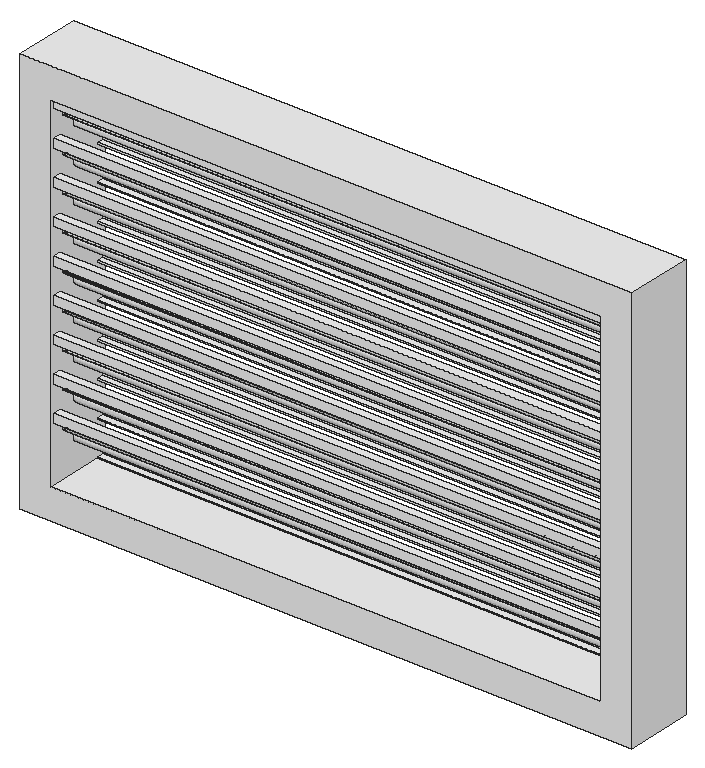
Revit family
Parameters
  폭 1 = Width - 90 mm  # 810 mm
  그릴 두께 = 100 mm
  Grill Panel 갯수 = 9
  그릴 패널 = AG10 그릴 패널
  그릴 프레임 = AG10 그릴 프레임
  프레임 투영 외부. = 25 mm
  프레임 투영 내부. = 25 mm
  프레임 폭 = 75 mm
  Height = 2400 mm
  Wall Closure = (empty or 0)
  Width = 900 mm
  기본 씰 높이 = 1800 mm
Reference planes
  plane 1: y = 0
  plane 2 "중심(왼쪽/오른쪽)": x = 0
  plane 3 "외부": y = 75
  plane 4 "내부": y = -75
  plane 5: y = -25
  plane 6: z = 1800
  plane 7: z = 2400
  plane 8: x = -450
  plane 9: x = 450
  plane 10: x = -404.925
  plane 11: x = 404.925
  plane 12: z = 1845.075
  plane 13: y = 72
Forms (mm)
  Sweep 1, solid, material "AG10 그릴 프레임" <- "그릴 프레임"
    path origin (0, 75, 0) x (1, 0, 0) y (0, 0, 1)
      loop
        line (450, 2400) -> (-450, 2400) -> (-450, 1800) -> (450, 1800) -> (450, 2400)
    profile origin (450, 75, 1800) x (-1, 0, 0) y (0, -1, 0)
      loop
        line (0, 0) -> (45.075, 0) -> (45.075, 100) -> (0, 100) -> (0, 0)
  Extrusion 2, solid, material "AG10 그릴 패널" <- "그릴 패널", not visible
    sketch origin (-384.764, -1088.95, -2124.171) x (0, -1, 0) y (0, 0, 1)
      loop
        line (-15.61, 2354.925) -> (-15.61, 2352.922) -> (-5.092, 2352.922) -> (-5.092, 2343.354) -> (-60.985, 2311.084) -> (-59.983, 2309.349) -> (-52.711, 2313.548)
        arc (-52.711, 2313.548) -> (-43.568, 2311.098) -> (-46.018, 2301.955) r 6.693
        line (-46.018, 2301.955) -> (-71.766, 2287.09)
        arc (-71.766, 2287.09) -> (-71.967, 2288.591) -> (-72.782, 2289.867) r 3.506
        arc (-72.782, 2289.867) -> (-73.392, 2290.063) -> (-73.907, 2289.681) r 0.701
        arc (-73.907, 2289.681) -> (-74.029, 2289.222) -> (-73.83, 2288.79) r 0.701
        arc (-73.83, 2288.79) -> (-75.259, 2285.383) -> (-76.688, 2288.79) r 2.003
        arc (-76.688, 2288.79) -> (-76.489, 2289.222) -> (-76.611, 2289.681) r 0.701
        arc (-76.611, 2289.681) -> (-77.125, 2290.063) -> (-77.735, 2289.867) r 0.701
        arc (-77.735, 2289.867) -> (-78.713, 2286.783) -> (-76.749, 2284.213) r 3.506
        line (-76.749, 2284.213) -> (-96.745, 2272.494) -> (-96.745, 2259.767) -> (-84.224, 2259.767) -> (-84.224, 2261.77) -> (-94.741, 2261.77) -> (-94.741, 2271.338) -> (-45.016, 2300.22)
        arc (-45.016, 2300.22) -> (-40.804, 2309.286) -> (-47.903, 2316.324) r 8.697
        line (-47.903, 2316.324) -> (-28.368, 2327.602)
        arc (-28.368, 2327.602) -> (-28.167, 2326.101) -> (-27.352, 2324.824) r 3.506
        arc (-27.352, 2324.824) -> (-26.742, 2324.629) -> (-26.227, 2325.011) r 0.701
        arc (-26.227, 2325.011) -> (-26.105, 2325.47) -> (-26.304, 2325.901) r 0.701
        arc (-26.304, 2325.901) -> (-24.875, 2329.309) -> (-23.446, 2325.901) r 2.003
        arc (-23.446, 2325.901) -> (-23.645, 2325.47) -> (-23.523, 2325.011) r 0.701
        arc (-23.523, 2325.011) -> (-23.009, 2324.629) -> (-22.399, 2324.824) r 0.701
        arc (-22.399, 2324.824) -> (-21.421, 2327.908) -> (-23.385, 2330.479) r 3.506
        line (-23.385, 2330.479) -> (-3.089, 2342.197) -> (-3.089, 2354.925) -> (-15.61, 2354.925)
    from -229.925 to -954.925
  Extrusion 3, solid, material "AG10 그릴 패널" <- "그릴 패널", not visible
    sketch origin (-384.764, -1088.95, -2124.171) x (0, -1, 0) y (0, 0, 1)
      loop
        line (-15.61, 2354.925) -> (-15.61, 2352.922) -> (-5.092, 2352.922) -> (-5.092, 2343.354) -> (-60.985, 2311.084) -> (-59.983, 2309.349) -> (-52.711, 2313.548)
        arc (-52.711, 2313.548) -> (-43.568, 2311.098) -> (-46.018, 2301.955) r 6.693
        line (-46.018, 2301.955) -> (-71.766, 2287.09)
        arc (-71.766, 2287.09) -> (-71.967, 2288.591) -> (-72.782, 2289.867) r 3.506
        arc (-72.782, 2289.867) -> (-73.392, 2290.063) -> (-73.907, 2289.681) r 0.701
        arc (-73.907, 2289.681) -> (-74.029, 2289.222) -> (-73.83, 2288.79) r 0.701
        arc (-73.83, 2288.79) -> (-75.259, 2285.383) -> (-76.688, 2288.79) r 2.003
        arc (-76.688, 2288.79) -> (-76.489, 2289.222) -> (-76.611, 2289.681) r 0.701
        arc (-76.611, 2289.681) -> (-77.125, 2290.063) -> (-77.735, 2289.867) r 0.701
        arc (-77.735, 2289.867) -> (-78.713, 2286.783) -> (-76.749, 2284.213) r 3.506
        line (-76.749, 2284.213) -> (-96.745, 2272.494) -> (-96.745, 2259.767) -> (-84.224, 2259.767) -> (-84.224, 2261.77) -> (-94.741, 2261.77) -> (-94.741, 2271.338) -> (-45.016, 2300.22)
        arc (-45.016, 2300.22) -> (-40.804, 2309.286) -> (-47.903, 2316.324) r 8.697
        line (-47.903, 2316.324) -> (-28.368, 2327.602)
        arc (-28.368, 2327.602) -> (-28.167, 2326.101) -> (-27.352, 2324.824) r 3.506
        arc (-27.352, 2324.824) -> (-26.742, 2324.629) -> (-26.227, 2325.011) r 0.701
        arc (-26.227, 2325.011) -> (-26.105, 2325.47) -> (-26.304, 2325.901) r 0.701
        arc (-26.304, 2325.901) -> (-24.875, 2329.309) -> (-23.446, 2325.901) r 2.003
        arc (-23.446, 2325.901) -> (-23.645, 2325.47) -> (-23.523, 2325.011) r 0.701
        arc (-23.523, 2325.011) -> (-23.009, 2324.629) -> (-22.399, 2324.824) r 0.701
        arc (-22.399, 2324.824) -> (-21.421, 2327.908) -> (-23.385, 2330.479) r 3.506
        line (-23.385, 2330.479) -> (-3.089, 2342.197) -> (-3.089, 2354.925) -> (-15.61, 2354.925)
    from -1004.925 to -1709.85
  Extrusion 4, solid, material "AG10 그릴 패널" <- "그릴 패널", not visible
    sketch origin (-1048.306, -1088.95, -2124.171) x (0, -1, 0) y (0, 0, 1)
      loop
        line (-15.61, 2354.925) -> (-15.61, 2352.922) -> (-5.092, 2352.922) -> (-5.092, 2343.354) -> (-60.985, 2311.084) -> (-59.983, 2309.349) -> (-52.711, 2313.548)
        arc (-52.711, 2313.548) -> (-43.568, 2311.098) -> (-46.018, 2301.955) r 6.693
        line (-46.018, 2301.955) -> (-71.766, 2287.09)
        arc (-71.766, 2287.09) -> (-71.967, 2288.591) -> (-72.782, 2289.867) r 3.506
        arc (-72.782, 2289.867) -> (-73.392, 2290.063) -> (-73.907, 2289.681) r 0.701
        arc (-73.907, 2289.681) -> (-74.029, 2289.222) -> (-73.83, 2288.79) r 0.701
        arc (-73.83, 2288.79) -> (-75.259, 2285.383) -> (-76.688, 2288.79) r 2.003
        arc (-76.688, 2288.79) -> (-76.489, 2289.222) -> (-76.611, 2289.681) r 0.701
        arc (-76.611, 2289.681) -> (-77.125, 2290.063) -> (-77.735, 2289.867) r 0.701
        arc (-77.735, 2289.867) -> (-78.713, 2286.783) -> (-76.749, 2284.213) r 3.506
        line (-76.749, 2284.213) -> (-96.745, 2272.494) -> (-96.745, 2259.767) -> (-84.224, 2259.767) -> (-84.224, 2261.77) -> (-94.741, 2261.77) -> (-94.741, 2271.338) -> (-45.016, 2300.22)
        arc (-45.016, 2300.22) -> (-40.804, 2309.286) -> (-47.903, 2316.324) r 8.697
        line (-47.903, 2316.324) -> (-28.368, 2327.602)
        arc (-28.368, 2327.602) -> (-28.167, 2326.101) -> (-27.352, 2324.824) r 3.506
        arc (-27.352, 2324.824) -> (-26.742, 2324.629) -> (-26.227, 2325.011) r 0.701
        arc (-26.227, 2325.011) -> (-26.105, 2325.47) -> (-26.304, 2325.901) r 0.701
        arc (-26.304, 2325.901) -> (-24.875, 2329.309) -> (-23.446, 2325.901) r 2.003
        arc (-23.446, 2325.901) -> (-23.645, 2325.47) -> (-23.523, 2325.011) r 0.701
        arc (-23.523, 2325.011) -> (-23.009, 2324.629) -> (-22.399, 2324.824) r 0.701
        arc (-22.399, 2324.824) -> (-21.421, 2327.908) -> (-23.385, 2330.479) r 3.506
        line (-23.385, 2330.479) -> (-3.089, 2342.197) -> (-3.089, 2354.925) -> (-15.61, 2354.925)
    from -118.467 to -843.467
  Extrusion 5, solid, material "AG10 그릴 패널" <- "그릴 패널", not visible
    sketch origin (-2483.772, -1088.95, -2124.171) x (0, -1, 0) y (0, 0, 1)
      loop
        line (-15.61, 2354.925) -> (-15.61, 2352.922) -> (-5.092, 2352.922) -> (-5.092, 2343.354) -> (-60.985, 2311.084) -> (-59.983, 2309.349) -> (-52.711, 2313.548)
        arc (-52.711, 2313.548) -> (-43.568, 2311.098) -> (-46.018, 2301.955) r 6.693
        line (-46.018, 2301.955) -> (-71.766, 2287.09)
        arc (-71.766, 2287.09) -> (-71.967, 2288.591) -> (-72.782, 2289.867) r 3.506
        arc (-72.782, 2289.867) -> (-73.392, 2290.063) -> (-73.907, 2289.681) r 0.701
        arc (-73.907, 2289.681) -> (-74.029, 2289.222) -> (-73.83, 2288.79) r 0.701
        arc (-73.83, 2288.79) -> (-75.259, 2285.383) -> (-76.688, 2288.79) r 2.003
        arc (-76.688, 2288.79) -> (-76.489, 2289.222) -> (-76.611, 2289.681) r 0.701
        arc (-76.611, 2289.681) -> (-77.125, 2290.063) -> (-77.735, 2289.867) r 0.701
        arc (-77.735, 2289.867) -> (-78.713, 2286.783) -> (-76.749, 2284.213) r 3.506
        line (-76.749, 2284.213) -> (-96.745, 2272.494) -> (-96.745, 2259.767) -> (-84.224, 2259.767) -> (-84.224, 2261.77) -> (-94.741, 2261.77) -> (-94.741, 2271.338) -> (-45.016, 2300.22)
        arc (-45.016, 2300.22) -> (-40.804, 2309.286) -> (-47.903, 2316.324) r 8.697
        line (-47.903, 2316.324) -> (-28.368, 2327.602)
        arc (-28.368, 2327.602) -> (-28.167, 2326.101) -> (-27.352, 2324.824) r 3.506
        arc (-27.352, 2324.824) -> (-26.742, 2324.629) -> (-26.227, 2325.011) r 0.701
        arc (-26.227, 2325.011) -> (-26.105, 2325.47) -> (-26.304, 2325.901) r 0.701
        arc (-26.304, 2325.901) -> (-24.875, 2329.309) -> (-23.446, 2325.901) r 2.003
        arc (-23.446, 2325.901) -> (-23.645, 2325.47) -> (-23.523, 2325.011) r 0.701
        arc (-23.523, 2325.011) -> (-23.009, 2324.629) -> (-22.399, 2324.824) r 0.701
        arc (-22.399, 2324.824) -> (-21.421, 2327.908) -> (-23.385, 2330.479) r 3.506
        line (-23.385, 2330.479) -> (-3.089, 2342.197) -> (-3.089, 2354.925) -> (-15.61, 2354.925)
    from -799.008 to -1503.933
Lines and regions (mm)
  Opening 1
    outline origin (-5000, -75, 0) x (1, 0, 0) y (0, 0, 1)
      loop
        line (5450, 2400) -> (4550, 2400) -> (4550, 1800) -> (5450, 1800) -> (5450, 2400)
Text (mm)
  text "외부" at (-2295.016, 1099.543, 0), in view "참조 레벨"
  text "외부" at (0, 1615.38, 3698.081), in view "왼쪽"
  text "외부" at (0, 1036.032, 3874.932), in view "오른쪽"
Dimensions and locks
  locked: plane 3 "외부" to host wall at 0
  locked: plane 4 "내부" to host wall
  host wall to host wall = 5000 mm
  "그릴 두께": plane 5 to plane 3 "외부"
  "Width": plane 8 to plane 9
  "기본 씰 높이": level to plane 6
  "Height": level to plane 7
  locked: plane 8 to plane 10 at 45.075
  locked: plane 11 to plane 9 at 45.075
  equal spacing: plane 8, plane 2 "중심(왼쪽/오른쪽)", plane 9
  equal spacing: group 2, group 4, group 5, group 6, group 7, group 8, group 9, group 10, group 3
  equal spacing: group 3, group 10, group 9, group 8, group 7, group 6, group 5, group 4, group 2  (x2)
  locked: host wall to plane 13 at 3
  aligned and locked: plane 1 to host wall
  aligned and locked: plane 9 to Opening 1 sketch curve
  aligned and locked: plane 7 to Opening 1 sketch curve
  aligned and locked: plane 6 to Opening 1 sketch curve
  aligned and locked: Opening 1 sketch curve to plane 8
  aligned and locked: host wall to Sweep 1 sketch curve
  aligned and locked: Sweep 1 sketch curve to host wall  (x3)
  aligned and locked: Sweep 1 sketch curve to plane 5
  aligned and locked: plane 3 "외부" to Sweep 1 sketch curve  (x2)
  aligned and locked: plane 5 to Sweep 1 sketch curve
  aligned and locked: plane 11 to Sweep 1 sketch curve
  aligned and locked: Sweep 1 sketch curve to profile plane
  aligned and locked: plane 2 "중심(왼쪽/오른쪽)" to nested 1
  aligned and locked: nested 1 to Sweep 1
  aligned and locked: nested 1 to plane 13
  aligned and locked: nested 2 to plane 13
  aligned and locked: nested 2 to Sweep 1
Automatic sketch dimensions
  Extrusion 2 sketch curve to Extrusion 2 sketch curve = 0 mm  (x32)
  Extrusion 2 sketch curve to Extrusion 2 sketch curve = 2.003 mm  (x4)
  Extrusion 2 sketch curve to Extrusion 2 sketch curve = 10.517 mm  (x2)
  Extrusion 2 sketch curve to Extrusion 2 sketch curve = 0.495 mm  (x4)
  Extrusion 2 sketch curve to Extrusion 2 sketch curve = 0.053 mm  (x4)
  Extrusion 2 sketch curve to Extrusion 2 sketch curve = 0.439 mm
  Extrusion 2 sketch curve to Extrusion 2 sketch curve = 0.5 mm  (x3)
  Extrusion 2 sketch curve to Extrusion 2 sketch curve = 0.629 mm
  Extrusion 2 sketch curve to Extrusion 2 sketch curve = 1.429 mm  (x2)
  Extrusion 2 sketch curve to Extrusion 2 sketch curve = 1.352 mm  (x2)
  Extrusion 2 sketch curve to Extrusion 2 sketch curve = 0.076 mm  (x2)
  Extrusion 2 sketch curve to Extrusion 2 sketch curve = 2.065 mm
  Extrusion 2 sketch curve to Extrusion 2 sketch curve = 11.797 mm
  Extrusion 2 sketch curve to Extrusion 2 sketch curve = 1.002 mm  (x2)
  Extrusion 2 sketch curve to Extrusion 2 sketch curve = 7.272 mm
  Extrusion 2 sketch curve to Extrusion 2 sketch curve = 3.347 mm  (x2)
  Extrusion 2 sketch curve to Extrusion 2 sketch curve = 4.809 mm
  Extrusion 2 sketch curve to Extrusion 2 sketch curve = 0.576 mm  (x2)
  Extrusion 2 sketch curve to Extrusion 2 sketch curve = 9.568 mm  (x2)
  Extrusion 2 sketch curve to Extrusion 2 sketch curve = 1.157 mm  (x2)
  Extrusion 2 sketch curve to Extrusion 2 sketch curve = 12.875 mm
  Extrusion 2 sketch curve to Extrusion 2 sketch curve = 2.877 mm
  Extrusion 2 sketch curve to Extrusion 2 sketch curve = 10.353 mm
  Extrusion 2 sketch curve to Extrusion 2 sketch curve = 1.735 mm
  Extrusion 2 sketch curve to Extrusion 2 sketch curve = 5.796 mm
  Extrusion 2 sketch curve to Extrusion 2 sketch curve = 4.199 mm
  Extrusion 2 sketch curve to Extrusion 2 sketch curve = 18.53 mm
  Extrusion 2 sketch curve to Extrusion 2 sketch curve = 0.186 mm
  Extrusion 3 sketch curve to Extrusion 3 sketch curve = 0 mm  (x32)
  Extrusion 3 sketch curve to Extrusion 3 sketch curve = 2.003 mm  (x4)
  Extrusion 3 sketch curve to Extrusion 3 sketch curve = 10.517 mm  (x2)
  Extrusion 3 sketch curve to Extrusion 3 sketch curve = 0.495 mm  (x4)
  Extrusion 3 sketch curve to Extrusion 3 sketch curve = 0.053 mm  (x4)
  Extrusion 3 sketch curve to Extrusion 3 sketch curve = 0.439 mm
  Extrusion 3 sketch curve to Extrusion 3 sketch curve = 0.5 mm  (x3)
  Extrusion 3 sketch curve to Extrusion 3 sketch curve = 0.629 mm
  Extrusion 3 sketch curve to Extrusion 3 sketch curve = 1.429 mm  (x2)
  Extrusion 3 sketch curve to Extrusion 3 sketch curve = 1.352 mm  (x2)
  Extrusion 3 sketch curve to Extrusion 3 sketch curve = 0.076 mm  (x2)
  Extrusion 3 sketch curve to Extrusion 3 sketch curve = 2.065 mm
  Extrusion 3 sketch curve to Extrusion 3 sketch curve = 11.797 mm
  Extrusion 3 sketch curve to Extrusion 3 sketch curve = 1.002 mm  (x2)
  Extrusion 3 sketch curve to Extrusion 3 sketch curve = 7.272 mm
  Extrusion 3 sketch curve to Extrusion 3 sketch curve = 3.347 mm  (x2)
  Extrusion 3 sketch curve to Extrusion 3 sketch curve = 4.809 mm
  Extrusion 3 sketch curve to Extrusion 3 sketch curve = 0.576 mm  (x2)
  Extrusion 3 sketch curve to Extrusion 3 sketch curve = 9.568 mm  (x2)
  Extrusion 3 sketch curve to Extrusion 3 sketch curve = 1.157 mm  (x2)
  Extrusion 3 sketch curve to Extrusion 3 sketch curve = 12.875 mm
  Extrusion 3 sketch curve to Extrusion 3 sketch curve = 2.877 mm
  Extrusion 3 sketch curve to Extrusion 3 sketch curve = 10.353 mm
  Extrusion 3 sketch curve to Extrusion 3 sketch curve = 1.735 mm
  Extrusion 3 sketch curve to Extrusion 3 sketch curve = 5.796 mm
  Extrusion 3 sketch curve to Extrusion 3 sketch curve = 4.199 mm
  Extrusion 3 sketch curve to Extrusion 3 sketch curve = 18.53 mm
  Extrusion 3 sketch curve to Extrusion 3 sketch curve = 0.186 mm
  Extrusion 2 sketch curve to Extrusion 2 sketch curve = 17.006 mm
  Extrusion 2 sketch curve to Extrusion 2 sketch curve = 19.534 mm
  Extrusion 2 sketch curve to Extrusion 2 sketch curve = 1.017 mm
  Extrusion 2 sketch curve to Extrusion 2 sketch curve = 1.49 mm
  Extrusion 2 sketch curve to Extrusion 2 sketch curve = 7.775 mm
  Extrusion 3 sketch curve to Extrusion 3 sketch curve = 17.006 mm
  Extrusion 3 sketch curve to Extrusion 3 sketch curve = 19.534 mm
  Extrusion 3 sketch curve to Extrusion 3 sketch curve = 1.017 mm
  Extrusion 3 sketch curve to Extrusion 3 sketch curve = 1.49 mm
  Extrusion 3 sketch curve to Extrusion 3 sketch curve = 7.775 mm
  Extrusion 4 sketch curve to Extrusion 4 sketch curve = 0 mm  (x32)
  Extrusion 4 sketch curve to Extrusion 4 sketch curve = 2.003 mm  (x4)
  Extrusion 4 sketch curve to Extrusion 4 sketch curve = 10.517 mm  (x2)
  Extrusion 4 sketch curve to Extrusion 4 sketch curve = 0.495 mm  (x4)
  Extrusion 4 sketch curve to Extrusion 4 sketch curve = 0.053 mm  (x4)
  Extrusion 4 sketch curve to Extrusion 4 sketch curve = 0.439 mm
  Extrusion 4 sketch curve to Extrusion 4 sketch curve = 0.5 mm  (x3)
  Extrusion 4 sketch curve to Extrusion 4 sketch curve = 0.629 mm
  Extrusion 4 sketch curve to Extrusion 4 sketch curve = 1.429 mm  (x2)
  Extrusion 4 sketch curve to Extrusion 4 sketch curve = 1.352 mm  (x2)
  Extrusion 4 sketch curve to Extrusion 4 sketch curve = 0.076 mm  (x2)
  Extrusion 4 sketch curve to Extrusion 4 sketch curve = 2.065 mm
  Extrusion 4 sketch curve to Extrusion 4 sketch curve = 11.797 mm
  Extrusion 4 sketch curve to Extrusion 4 sketch curve = 1.002 mm  (x2)
  Extrusion 4 sketch curve to Extrusion 4 sketch curve = 7.272 mm
  Extrusion 4 sketch curve to Extrusion 4 sketch curve = 3.347 mm  (x2)
  Extrusion 4 sketch curve to Extrusion 4 sketch curve = 4.809 mm
  Extrusion 4 sketch curve to Extrusion 4 sketch curve = 0.576 mm  (x2)
  Extrusion 4 sketch curve to Extrusion 4 sketch curve = 9.568 mm  (x2)
  Extrusion 4 sketch curve to Extrusion 4 sketch curve = 1.157 mm  (x2)
  Extrusion 4 sketch curve to Extrusion 4 sketch curve = 12.875 mm
  Extrusion 4 sketch curve to Extrusion 4 sketch curve = 2.877 mm
  Extrusion 4 sketch curve to Extrusion 4 sketch curve = 10.353 mm
  Extrusion 4 sketch curve to Extrusion 4 sketch curve = 1.735 mm
  Extrusion 4 sketch curve to Extrusion 4 sketch curve = 5.796 mm
  Extrusion 4 sketch curve to Extrusion 4 sketch curve = 4.199 mm
  Extrusion 4 sketch curve to Extrusion 4 sketch curve = 18.53 mm
  Extrusion 4 sketch curve to Extrusion 4 sketch curve = 0.186 mm
  Extrusion 5 sketch curve to Extrusion 5 sketch curve = 0 mm  (x32)
  Extrusion 5 sketch curve to Extrusion 5 sketch curve = 2.003 mm  (x4)
  Extrusion 5 sketch curve to Extrusion 5 sketch curve = 10.517 mm  (x2)
  Extrusion 5 sketch curve to Extrusion 5 sketch curve = 0.495 mm  (x4)
  Extrusion 5 sketch curve to Extrusion 5 sketch curve = 0.053 mm  (x4)
  Extrusion 5 sketch curve to Extrusion 5 sketch curve = 0.439 mm
  Extrusion 5 sketch curve to Extrusion 5 sketch curve = 0.5 mm  (x3)
  Extrusion 5 sketch curve to Extrusion 5 sketch curve = 0.629 mm
  Extrusion 5 sketch curve to Extrusion 5 sketch curve = 1.429 mm  (x2)
  Extrusion 5 sketch curve to Extrusion 5 sketch curve = 1.352 mm  (x2)
  Extrusion 5 sketch curve to Extrusion 5 sketch curve = 0.076 mm  (x2)
  Extrusion 5 sketch curve to Extrusion 5 sketch curve = 2.065 mm
  Extrusion 5 sketch curve to Extrusion 5 sketch curve = 11.797 mm
  Extrusion 5 sketch curve to Extrusion 5 sketch curve = 1.002 mm  (x2)
  Extrusion 5 sketch curve to Extrusion 5 sketch curve = 7.272 mm
  Extrusion 5 sketch curve to Extrusion 5 sketch curve = 3.347 mm  (x2)
  Extrusion 5 sketch curve to Extrusion 5 sketch curve = 4.809 mm
  Extrusion 5 sketch curve to Extrusion 5 sketch curve = 0.576 mm  (x2)
  Extrusion 5 sketch curve to Extrusion 5 sketch curve = 9.568 mm  (x2)
  Extrusion 5 sketch curve to Extrusion 5 sketch curve = 1.157 mm  (x2)
  Extrusion 5 sketch curve to Extrusion 5 sketch curve = 12.875 mm
  Extrusion 5 sketch curve to Extrusion 5 sketch curve = 2.877 mm
  Extrusion 5 sketch curve to Extrusion 5 sketch curve = 10.353 mm
  Extrusion 5 sketch curve to Extrusion 5 sketch curve = 1.735 mm
  Extrusion 5 sketch curve to Extrusion 5 sketch curve = 5.796 mm
  Extrusion 5 sketch curve to Extrusion 5 sketch curve = 4.199 mm
  Extrusion 5 sketch curve to Extrusion 5 sketch curve = 18.53 mm
  Extrusion 5 sketch curve to Extrusion 5 sketch curve = 0.186 mm
  Extrusion 4 sketch curve to Extrusion 4 sketch curve = 17.006 mm
  Extrusion 4 sketch curve to Extrusion 4 sketch curve = 19.534 mm
  Extrusion 4 sketch curve to Extrusion 4 sketch curve = 1.017 mm
  Extrusion 4 sketch curve to Extrusion 4 sketch curve = 1.49 mm
  Extrusion 4 sketch curve to Extrusion 4 sketch curve = 7.775 mm
  Extrusion 5 sketch curve to Extrusion 5 sketch curve = 17.006 mm
  Extrusion 5 sketch curve to Extrusion 5 sketch curve = 19.534 mm
  Extrusion 5 sketch curve to Extrusion 5 sketch curve = 1.017 mm
  Extrusion 5 sketch curve to Extrusion 5 sketch curve = 1.49 mm
  Extrusion 5 sketch curve to Extrusion 5 sketch curve = 7.775 mm
Nested families
  nested 1: "셔터 블레이드" at (0, -21.656, 2354.925), type "셔터 블레이드"
    with 폭 810 mm
  nested 2: "셔터 블레이드" at (0, -21.656, 1940.233), type "셔터 블레이드"
    with 폭 810 mm
  nested 3: "셔터 블레이드" at (0, -21.656, 2303.089), type "셔터 블레이드"
    with 폭 810 mm
  nested 4: "셔터 블레이드" at (0, -21.656, 2251.252), type "셔터 블레이드"
    with 폭 810 mm
  nested 5: "셔터 블레이드" at (0, -21.656, 2199.416), type "셔터 블레이드"
    with 폭 810 mm
  nested 6: "셔터 블레이드" at (0, -21.656, 2147.579), type "셔터 블레이드"
    with 폭 810 mm
  nested 7: "셔터 블레이드" at (0, -21.656, 2095.743), type "셔터 블레이드"
    with 폭 810 mm
  nested 8: "셔터 블레이드" at (0, -21.656, 2043.906), type "셔터 블레이드"
    with 폭 810 mm
  nested 9: "셔터 블레이드" at (0, -21.656, 1992.07), type "셔터 블레이드"
    with 폭 810 mm
Definition of nested family "셔터 블레이드"
  Parameters
    폭 = 1400 mm
    그릴 패널 = none
  Reference planes
    plane 1 "중심(앞/뒤)": y = 0
    plane 2: z = 0
    plane 3 "중심(왼쪽/오른쪽)": x = 0
    plane 4: x = -700
    plane 5: x = 700
  Forms (mm)
    Extrusion 1, solid, material <- "그릴 패널"
      sketch origin (-1827.286, -3.089, -2354.925) x (0, -1, 0) y (0, 0, 1)
        loop
          line (-15.61, 2354.925) -> (-15.61, 2352.922) -> (-5.092, 2352.922) -> (-5.092, 2343.354) -> (-60.985, 2311.084) -> (-59.983, 2309.349) -> (-52.711, 2313.548)
          arc (-52.711, 2313.548) -> (-43.568, 2311.098) -> (-46.018, 2301.955) r 6.693
          line (-46.018, 2301.955) -> (-71.766, 2287.09)
          arc (-71.766, 2287.09) -> (-71.967, 2288.591) -> (-72.782, 2289.867) r 3.506
          arc (-72.782, 2289.867) -> (-73.392, 2290.063) -> (-73.907, 2289.681) r 0.701
          arc (-73.907, 2289.681) -> (-74.029, 2289.222) -> (-73.83, 2288.79) r 0.701
          arc (-73.83, 2288.79) -> (-75.259, 2285.383) -> (-76.688, 2288.79) r 2.003
          arc (-76.688, 2288.79) -> (-76.489, 2289.222) -> (-76.611, 2289.681) r 0.701
          arc (-76.611, 2289.681) -> (-77.125, 2290.063) -> (-77.735, 2289.867) r 0.701
          arc (-77.735, 2289.867) -> (-78.713, 2286.783) -> (-76.749, 2284.213) r 3.506
          line (-76.749, 2284.213) -> (-96.745, 2272.494) -> (-96.745, 2259.767) -> (-84.224, 2259.767) -> (-84.224, 2261.77) -> (-94.741, 2261.77) -> (-94.741, 2271.338) -> (-45.016, 2300.22)
          arc (-45.016, 2300.22) -> (-40.804, 2309.286) -> (-47.903, 2316.324) r 8.697
          line (-47.903, 2316.324) -> (-28.368, 2327.602)
          arc (-28.368, 2327.602) -> (-28.167, 2326.101) -> (-27.352, 2324.824) r 3.506
          arc (-27.352, 2324.824) -> (-26.742, 2324.629) -> (-26.227, 2325.011) r 0.701
          arc (-26.227, 2325.011) -> (-26.105, 2325.47) -> (-26.304, 2325.901) r 0.701
          arc (-26.304, 2325.901) -> (-24.875, 2329.309) -> (-23.446, 2325.901) r 2.003
          arc (-23.446, 2325.901) -> (-23.645, 2325.47) -> (-23.523, 2325.011) r 0.701
          arc (-23.523, 2325.011) -> (-23.009, 2324.629) -> (-22.399, 2324.824) r 0.701
          arc (-22.399, 2324.824) -> (-21.421, 2327.908) -> (-23.385, 2330.479) r 3.506
          line (-23.385, 2330.479) -> (-3.089, 2342.197) -> (-3.089, 2354.925) -> (-15.61, 2354.925)
      from -1127.286 to -2527.286
  Dimensions and locks
    equal spacing: plane 4, plane 3 "중심(왼쪽/오른쪽)", plane 5
    "폭": plane 4 to plane 5
    aligned and locked: Extrusion 1 to plane 4
    aligned and locked: plane 5 to Extrusion 1
  Automatic sketch dimensions
    Extrusion 1 sketch curve to Extrusion 1 sketch curve = 0 mm  (x22)
    Extrusion 1 sketch curve to level = 0 mm
    Extrusion 1 sketch curve to plane 1 "중심(앞/뒤)" = 0 mm
    Extrusion 1 sketch curve to plane 1 "중심(앞/뒤)" = 2.003 mm
    Extrusion 1 sketch curve to level = 2.003 mm
    Extrusion 1 sketch curve to Extrusion 1 sketch curve = 10.517 mm  (x2)
    Extrusion 1 sketch curve to plane 1 "중심(앞/뒤)" = 19.31 mm
    Extrusion 1 sketch curve to Extrusion 1 sketch curve = 0.495 mm  (x4)
    Extrusion 1 sketch curve to Extrusion 1 sketch curve = 0.053 mm  (x4)
    Extrusion 1 sketch curve to Extrusion 1 sketch curve = 0.439 mm
    Extrusion 1 sketch curve to Extrusion 1 sketch curve = 0.5 mm  (x3)
    Extrusion 1 sketch curve to Extrusion 1 sketch curve = 0.629 mm  (x2)
    Extrusion 1 sketch curve to Extrusion 1 sketch curve = 1.429 mm  (x2)
    Extrusion 1 sketch curve to Extrusion 1 sketch curve = 1.352 mm  (x2)
    Extrusion 1 sketch curve to Extrusion 1 sketch curve = 0.076 mm  (x2)
    Extrusion 1 sketch curve to Extrusion 1 sketch curve = 2.065 mm
    Extrusion 1 sketch curve to Extrusion 1 sketch curve = 17.665 mm
    Extrusion 1 sketch curve to Extrusion 1 sketch curve = 1.002 mm  (x2)
    Extrusion 1 sketch curve to Extrusion 1 sketch curve = 1.885 mm
    Extrusion 1 sketch curve to Extrusion 1 sketch curve = 3.347 mm
    Extrusion 1 sketch curve to Extrusion 1 sketch curve = 4.809 mm
    Extrusion 1 sketch curve to Extrusion 1 sketch curve = 7.272 mm
    Extrusion 1 sketch curve to level = 43.841 mm
    Extrusion 1 sketch curve to Extrusion 1 sketch curve = 11.782 mm
    Extrusion 1 sketch curve to Extrusion 1 sketch curve = 1.017 mm
    Extrusion 1 sketch curve to Extrusion 1 sketch curve = 1.49 mm
    Extrusion 1 sketch curve to Extrusion 1 sketch curve = 0.576 mm
    Extrusion 1 sketch curve to Extrusion 1 sketch curve = 7.475 mm
    Extrusion 1 sketch curve to Extrusion 1 sketch curve = 2.003 mm  (x2)
    Extrusion 1 sketch curve to Extrusion 1 sketch curve = 1.735 mm  (x2)
    Extrusion 1 sketch curve to Extrusion 1 sketch curve = 5.796 mm
    Extrusion 1 sketch curve to Extrusion 1 sketch curve = 19.482 mm
    Extrusion 1 sketch curve to Extrusion 1 sketch curve = 0.186 mm  (x2)
    Extrusion 1 sketch curve to Extrusion 1 sketch curve = 11.718 mm
    Extrusion 1 sketch curve to Extrusion 1 sketch curve = 1.157 mm  (x2)
    Extrusion 1 sketch curve to Extrusion 1 sketch curve = 9.568 mm
    Extrusion 1 sketch curve to Extrusion 1 sketch curve = 18.53 mm
